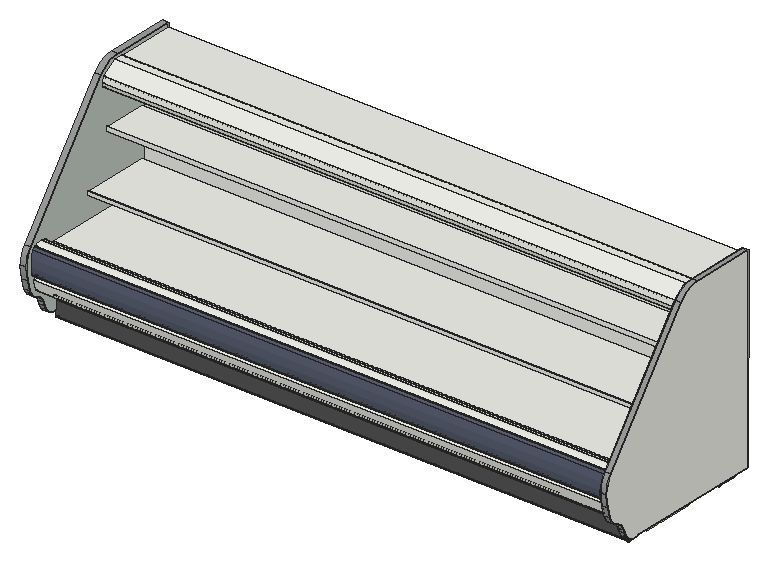
Revit family "IC2SL_2014", category Specialty Equipment, Revit 2014
Parameters (values of type "12'-0" Length")
  Width = 145"
  Waste Drain = 1 1/4"  # constant formula
  URL = "www.hussmann.com"
  Type Comments = ""
  Trim = Stainless Steel
  Total Weight = Case Weight + (2 * End Weight)  # 1350.00 lbf
  Top Clearance = 1 1/2"  # constant formula
  Splashguard = Textured Sheet Metal (Steel Painted) - 701 Black
  Side Panel - Right [instance] = yes
  Side Panel - Left [instance] = yes
  Shelves = Sheet Metal (Steel Painted) - 700 Interior White
  Shelf Lights [instance] = yes
  Shelf = yes
  Revit Family Date = "11/25/2015"  # constant formula
  Refrigeration Lines Suction = 7/8"  # constant formula
  Refrigeration Lines Liquid = 3/8"  # constant formula
  Refrig. Suction = "Suction"
  Refrig. Liquid = "Liquid"
  Number of Shelves = 2  # constant formula
  Note from Manufacturer = "This model only comes in 4'-0\", 6'-0\", 8'-0\", and 12'-0\" lengths."
  Model = "IC2SL"  # constant formula
  Manufacturer Disclaimer = "The information in this file is not intended to be an exact representation of the corresponding Hussmann product.  Further, we reserve the right to change or revise specifications and product design in connection with any feature of our products. Such changes do not entitle the buyer to corresponding changes, improvements, additions, or replacements for equipment previously sold or shipped."  # constant formula
  Manufacturer = "Hussmann Corporation"  # constant formula
  Height = 50 1/2"  # constant formula
  Ends = Textured Sheet Metal (Steel Painted) - 149 White Satin Matte
  End Weight = 75.00 lbf  # constant formula
  Drain Location = if(Width = 48 1/4", 24", if(Width = 72 1/4", 24", if(Width = 96 1/4", 24", if(Width = 145", 72", 0"))))  # 72"
  Description = ""
  Depth = 43 5/8"  # constant formula
  Clearance [instance] = no
  Case Weight = if(Width = 48 1/4", 600.00 lbf, if(Width = 72 1/4", 800.00 lbf, if(Width = 96 1/4", 1000.00 lbf, if(Width = 145", 1200.00 lbf, 0.00 lbf))))  # 1200.00 lbf
  Case Interior - Side Panel = Mirror
  Case Interior - Back Panel = Sheet Metal (Steel Painted) - 700 Interior White
  Case = Textured Sheet Metal (Steel Painted) - 149 White Satin Matte
  Bumper = Extruded PVC - 739 Royal Blue
  Back Clearance = 1 1/2"  # constant formula
  Assembly Code = ""
  Accessories/Options = ""
  8 Case = Width = 96 1/4"  # no
  6 Case = Width = 72 1/4"  # no
  12 Case = Width = 145"  # yes
Reference planes (in)
  plane 1 "Back": y = 0
  plane 2 "Bottom": z = 0
  plane 3 "Top": z = 50.5
  plane 4 "Left": x = -77.30699
  plane 5 "Front": y = -43.625
  plane 6 "Center (Left/Right)": x = -4.80699
  plane 7: y = 1.5
  plane 8: x = -78.80699
  plane 9 "Right": x = 67.69301
  plane 10: x = 69.19301
  plane 11: z = 24
  plane 12: z = 36
  plane 13: z = 52
Forms (in)
  Extrusion 1, solid, material "Metal - Copper"
    sketch origin (63.0625, 1.04319, 0) x (1, 0, 0) y (0, 1, 0)
      loop
        arc (-67.36949, -33.91819) -> (-67.81143, -34.10125) -> (-67.99449, -34.54319) r 0.625
        arc (-67.99449, -34.54319) -> (-67.81143, -34.98513) -> (-67.36949, -35.16819) r 0.625
        arc (-67.36949, -35.16819) -> (-66.92754, -34.98513) -> (-66.74449, -34.54319) r 0.625
        arc (-66.74449, -34.54319) -> (-66.92754, -34.10125) -> (-67.36949, -33.91819) r 0.625
      loop
        circle (-67.36949, -34.54319) r 0.5852
    from 5.56944 to 0
  Extrusion 2, solid, material "Metal - Copper"
    sketch origin (57.40105, 5, -0.375) x (1, 0, 0) y (0, 1, 0)
      loop
        circle (1.35446, -33.75) r 0.41359
      loop
        circle (1.35446, -33.75) r 0.4375
    from 5.94444 to 0.375
  Extrusion 3, solid, material "Metal - Copper"
    sketch origin (59.82608, 5, -0.375) x (1, 0, 0) y (0, 1, 0)
      loop
        circle (-0.44557, -33.75) r 0.17188
      loop
        circle (-0.44557, -33.75) r 0.1875
    from 5.94444 to 0.375
  Extrusion 4, solid, material "Textured Sheet Metal (Steel Painted) - 149 White Satin Matte" <- "Case"
    sketch origin (-4.80699, 0, 0) x (0, 1, 0) y (0, 0, 1)
      loop
        line (-6.52204, 47.85072) -> (-6.52204, 16.6168) -> (-6.91828, 16.6168)
        arc (-6.91828, 16.6168) -> (-7.25281, 16.48835) -> (-7.41541, 16.16902) r 0.49985
        arc (-7.41541, 16.16902) -> (-7.47447, 15.77871) -> (-7.56901, 15.39546) r 4.3077
        line (-7.56901, 15.39546) -> (-8.2045, 15.37959)
        arc (-8.2045, 15.37959) -> (-8.38123, 15.45279) -> (-8.45443, 15.62952) r 0.24992
        line (-8.45443, 15.62952) -> (-8.45443, 15.73049) -> (-8.45443, 15.79247) -> (-8.45443, 15.9914)
        arc (-8.45443, 15.9914) -> (-8.50274, 16.10804) -> (-8.61938, 16.15635) r 0.16495
        line (-8.61938, 16.15635) -> (-19.37919, 16.15635)
        arc (-19.37919, 16.15635) -> (-19.46976, 16.12926) -> (-19.53058, 16.05688) r 0.16495
        arc (-19.53058, 16.05688) -> (-19.5914, 15.98451) -> (-19.68198, 15.95742) r 0.16495
        line (-19.68198, 15.95742) -> (-23.20989, 15.95742)
        arc (-23.20989, 15.95742) -> (-24.122, 15.92845) -> (-25.03043, 15.84168) r 14.37659
        line (-25.03043, 15.84168) -> (-35.57188, 14.49602)
        arc (-35.57188, 14.49602) -> (-35.6769, 14.43903) -> (-35.71593, 14.32611) r 0.16502
        arc (-35.71593, 14.32611) -> (-35.77505, 14.15505) -> (-35.93413, 14.06872) r 0.24999
        line (-35.93413, 14.06872) -> (-36.91851, 13.9431) -> (-37.91016, 13.81651) -> (-38.11168, 13.77211) -> (-38.09315, 17.38135) -> (-38.25187, 18.31799)
        arc (-38.25187, 18.31799) -> (-38.25909, 18.33942) -> (-38.27258, 18.35757) r 0.07227
        line (-38.27258, 18.35757) -> (-39.20515, 19.27024)
        arc (-39.20515, 19.27024) -> (-39.22358, 19.28334) -> (-39.24516, 19.29009) r 0.07227
        line (-39.24516, 19.29009) -> (-40.16299, 19.42556)
        arc (-40.16299, 19.42556) -> (-40.2164, 19.41257) -> (-40.24545, 19.36592) r 0.07269
        arc (-40.24545, 19.36592) -> (-40.25531, 19.40542) -> (-40.29106, 19.4249) r 0.05063
        arc (-40.29106, 19.4249) -> (-41.31213, 19.3715) -> (-42.26156, 18.99202) r 3.1314
        arc (-42.26156, 18.99202) -> (-42.28101, 18.97043) -> (-42.28526, 18.94169) r 0.05026
        line (-42.28526, 18.94169) -> (-42.27579, 18.87729) -> (-42.05045, 18.49713) -> (-42.05045, 12.75127) -> (-42.33423, 12.33056) -> (-42.30002, 12.36476)
        spline (-42.30002, 12.36476) -> (-42.29059, 12.3725) -> (-42.27983, 12.37825) -> (-42.26816, 12.3818) -> (-42.25602, 12.38299) -> (-42.24388, 12.3818) -> (-42.23221, 12.37826) -> (-42.22145, 12.37251) -> (-42.21202, 12.36477) -> (-42.20428, 12.35534) -> (-42.19853, 12.34458) -> (-42.19499, 12.3329) -> (-42.1938, 12.32076)
        line (-42.1938, 12.32076) -> (-42.1938, 11.72088)
        spline (-42.1938, 11.72088) -> (-42.19412, 11.71452) -> (-42.1951, 11.70822) -> (-42.19671, 11.70206) -> (-42.19894, 11.69609) -> (-42.20177, 11.69038) -> (-42.20517, 11.685) -> (-42.2091, 11.67998) -> (-42.21352, 11.6754) -> (-42.21839, 11.67129) -> (-42.22365, 11.66771) -> (-42.22925, 11.66468) -> (-42.23513, 11.66224)
        line (-42.23513, 11.66224) -> (-42.23513, 12.03376)
        arc (-42.23513, 12.03376) -> (-42.26764, 12.08072) -> (-42.32304, 12.06685) r 0.05018
        line (-42.32304, 12.06685) -> (-42.79839, 11.52504)
        arc (-42.79839, 11.52504) -> (-42.80955, 11.50331) -> (-42.80913, 11.47889) r 0.05018
        line (-42.80913, 11.47889) -> (-42.14032, 8.99596)
        arc (-42.14032, 8.99596) -> (-42.11102, 8.93786) -> (-42.06108, 8.89616) r 0.16059
        line (-42.06108, 8.89616) -> (-36.23943, 5.77763)
        arc (-36.23943, 5.77763) -> (-36.19804, 5.77279) -> (-36.16499, 5.79817) r 0.0554
        line (-36.16499, 5.79817) -> (-36.07724, 5.96199) -> (-35.24876, 5.51819) -> (-35.22368, 5.56503) -> (-8.50716, 5.56503) -> (0, 10.08456) -> (0, 50.04903) -> (-14.67684, 50.04903)
        arc (-14.67684, 50.04903) -> (-14.77102, 50.15846) -> (-14.9095, 50.19929) r 0.25527
        line (-14.9095, 50.19929) -> (-17.13158, 50.19929)
        arc (-17.13158, 50.19929) -> (-17.16691, 50.19417) -> (-17.19934, 50.17923) r 0.12446
        line (-17.19934, 50.17923) -> (-20.65909, 47.93403)
        arc (-20.65909, 47.93403) -> (-20.69297, 47.90146) -> (-20.71236, 47.85866) r 0.12446
        line (-20.71236, 47.85866) -> (-21.02657, 46.54899)
        arc (-21.02657, 46.54899) -> (-21.03, 46.51919) -> (-21.0262, 46.48944) r 0.12446
        line (-21.0262, 46.48944) -> (-20.77157, 45.48251)
        arc (-20.77157, 45.48251) -> (-20.7464, 45.4332) -> (-20.70233, 45.39968) r 0.12446
        line (-20.70233, 45.39968) -> (-20.40173, 45.2633)
        arc (-20.40173, 45.2633) -> (-20.32979, 45.25389) -> (-20.26481, 45.28619) r 0.12446
        line (-20.26481, 45.28619) -> (-20.06119, 45.47866)
        arc (-20.06119, 45.47866) -> (-20.02808, 45.53141) -> (-20.02466, 45.5936) r 0.12446
        line (-20.02466, 45.5936) -> (-20.21753, 46.55487) -> (-19.96937, 47.00901) -> (-19.59524, 47.00901)
        arc (-19.59524, 47.00901) -> (-19.55545, 47.04716) -> (-19.59187, 47.08853) r 0.03983
        line (-19.59187, 47.08853) -> (-17.38841, 47.08853)
        arc (-17.38841, 47.08853) -> (-17.36936, 47.09232) -> (-17.35321, 47.10311) r 0.04979
        line (-17.35321, 47.10311) -> (-15.97583, 48.48049) -> (-15.97583, 47.85072) -> (-6.52204, 47.85072)
    from 72.5 to -72.5
  Extrusion 5, solid, material "Extruded PVC - 739 Royal Blue" <- "Bumper"
    sketch origin (-4.80699, 0, 0) x (0, 1, 0) y (0, 0, 1)
      loop
        arc (-43.11312, 12.68449) -> (-42.90005, 12.41085) -> (-42.60529, 12.22811) r 0.98415
        arc (-42.60529, 12.22811) -> (-42.57223, 12.21559) -> (-42.53878, 12.20413) r 1.11061
        arc (-42.53878, 12.20413) -> (-42.45215, 12.20488) -> (-42.38343, 12.25762) r 0.1365
        line (-42.38343, 12.25762) -> (-42.05045, 12.75127) -> (-42.05045, 18.49713) -> (-42.27579, 18.87729)
        arc (-42.27579, 18.87729) -> (-42.44345, 18.85247) -> (-42.60529, 18.80215) r 1.09805
        arc (-42.60529, 18.80215) -> (-42.90005, 18.61941) -> (-43.11312, 18.34576) r 0.98415
        arc (-43.11312, 18.34576) -> (-43.55654, 15.51513) -> (-43.11312, 12.68449) r 9.25648
    from 72.5 to -72.5
  Extrusion 6, solid, material "Textured Sheet Metal (Steel Painted) - 701 Black" <- "Splashguard"
    sketch origin (-4.80699, 0, 0) x (0, 1, 0) y (0, 0, 1)
      loop
        line (-35.56829, 3.68546) -> (-35.56829, 0.06236)
        arc (-35.56829, 0.06236) -> (-35.54342, 0.01927) -> (-35.49366, 0.01927) r 0.04975
        line (-35.49366, 0.01927) -> (-35.41903, 0.06236) -> (-35.22157, 0.06236)
        arc (-35.22157, 0.06236) -> (-35.14226, 0.01346) -> (-35.08169, 0.08426) r 0.07165
        line (-35.08169, 0.08426) -> (-35.08169, 3.96765)
        arc (-35.08169, 3.96765) -> (-35.10889, 4.012) -> (-35.16075, 4.00785) r 0.04975
        line (-35.16075, 4.00785) -> (-35.54785, 3.72567)
        arc (-35.54785, 3.72567) -> (-35.56289, 3.70802) -> (-35.56829, 3.68546) r 0.04975
    from 72.5 to -72.5
  Extrusion 7, solid, material "Sheet Metal (Steel Painted) - 700 Interior White" <- "Shelves"
    sketch origin (-4.80699, 0, 0) x (0, 1, 0) y (0, 0, 1)
      loop
        line (-10.4778, 17.57743) -> (-36.46981, 17.57743) -> (-36.46981, 17.08433) -> (-36.88069, 17.08433)
        arc (-36.88069, 17.08433) -> (-36.98062, 17.07117) -> (-37.07375, 17.0326) r 0.38613
        line (-37.07375, 17.0326) -> (-37.21958, 16.9484) -> (-37.21958, 16.55649) -> (-37.17361, 16.55649) -> (-36.88705, 16.72194) -> (-35.47012, 16.72194) -> (-35.47012, 16.95262) -> (-10.4778, 16.95262) -> (-10.4778, 17.09957) -> (-9.827, 17.09957) -> (-9.827, 16.73668) -> (-8.93227, 16.73668) -> (-8.93227, 16.59821)
        arc (-8.93227, 16.59821) -> (-8.9027, 16.52683) -> (-8.83132, 16.49726) r 0.10095
        line (-8.83132, 16.49726) -> (-7.8816, 16.49726) -> (-7.8816, 17.10907) -> (-8.83132, 17.10907)
        arc (-8.83132, 17.10907) -> (-8.85434, 17.10641) -> (-8.87614, 17.09857) r 0.10095
        line (-8.87614, 17.09857) -> (-9.4931, 17.09857)
        arc (-9.4931, 17.09857) -> (-9.37611, 17.14803) -> (-9.32765, 17.26502) r 0.16545
        arc (-9.32765, 17.26502) -> (-9.37611, 17.38201) -> (-9.4931, 17.43047) r 0.16545
        line (-9.4931, 17.43047) -> (-9.62218, 17.52973) -> (-10.4778, 17.52973) -> (-10.4778, 17.57743)
      loop
        arc (-8.38145, 16.1856) -> (-8.41805, 16.27396) -> (-8.50641, 16.31056) r 0.12496
        line (-8.50641, 16.31056) -> (-19.45705, 16.31056)
        arc (-19.45705, 16.31056) -> (-19.54785, 16.28332) -> (-19.60866, 16.21059) r 0.16495
        arc (-19.60866, 16.21059) -> (-19.66947, 16.13786) -> (-19.76027, 16.11062) r 0.16495
        line (-19.76027, 16.11062) -> (-23.20989, 16.11062)
        arc (-23.20989, 16.11062) -> (-24.13172, 16.08135) -> (-25.04983, 15.99365) r 14.5298
        line (-25.04983, 15.99365) -> (-36.39594, 14.54521)
        arc (-36.39594, 14.54521) -> (-36.47504, 14.53479) -> (-36.55386, 14.52247) r 3.33048
        arc (-36.55386, 14.52247) -> (-36.67572, 14.4772) -> (-36.72694, 14.35772) r 0.16495
        line (-36.72694, 14.35772) -> (-36.72694, 14.26117)
        arc (-36.72694, 14.26117) -> (-36.78929, 14.09602) -> (-36.94522, 14.01326) r 0.24992
        line (-36.94522, 14.01326) -> (-37.9194, 13.8889) -> (-37.91016, 13.81651) -> (-36.91851, 13.9431) -> (-35.93417, 14.06876)
        arc (-35.93417, 14.06876) -> (-35.77516, 14.15509) -> (-35.71578, 14.32612) r 0.24992
        arc (-35.71578, 14.32612) -> (-35.67679, 14.43899) -> (-35.57184, 14.49597) r 0.16495
        line (-35.57184, 14.49597) -> (-25.03043, 15.84168)
        arc (-25.03043, 15.84168) -> (-24.122, 15.92845) -> (-23.20989, 15.95742) r 14.37659
        line (-23.20989, 15.95742) -> (-19.68198, 15.95742)
        arc (-19.68198, 15.95742) -> (-19.5914, 15.98451) -> (-19.53058, 16.05688) r 0.16495
        arc (-19.53058, 16.05688) -> (-19.46976, 16.12926) -> (-19.37919, 16.15635) r 0.16495
        line (-19.37919, 16.15635) -> (-8.61938, 16.15635)
        arc (-8.61938, 16.15635) -> (-8.50274, 16.10804) -> (-8.45443, 15.9914) r 0.16495
        line (-8.45443, 15.9914) -> (-8.45443, 15.79247) -> (-8.45443, 15.73049) -> (-8.45443, 15.62952)
        arc (-8.45443, 15.62952) -> (-8.38123, 15.45279) -> (-8.2045, 15.37959) r 0.24992
        line (-8.2045, 15.37959) -> (-7.8816, 15.38765) -> (-7.8816, 15.45257) -> (-8.13153, 15.45257)
        arc (-8.13153, 15.45257) -> (-8.30825, 15.52577) -> (-8.38145, 15.70249) r 0.24992
        line (-8.38145, 15.70249) -> (-8.38145, 15.80455) -> (-8.38145, 15.94567) -> (-8.38145, 16.1856)
    from 72.5 to -72.5
  Extrusion 8, solid, material "Sheet Metal (Steel Painted) - 700 Interior White" <- "Case Interior - Back Panel"
    sketch origin (-4.80699, 0, 0) x (0, 1, 0) y (0, 0, 1)
      loop
        line (-7.8816, 16.73918) -> (-6.52204, 16.73918) -> (-6.52204, 47.85072) -> (-15.97583, 47.85072) -> (-15.97583, 48.48049) -> (-17.35321, 47.10311)
        arc (-17.35321, 47.10311) -> (-17.36936, 47.09232) -> (-17.38841, 47.08853) r 0.04979
        line (-17.38841, 47.08853) -> (-17.48375, 47.08853)
        arc (-17.48375, 47.08853) -> (-17.44323, 46.98572) -> (-17.33737, 46.95402) r 0.12645
        line (-17.33737, 46.95402) -> (-15.68484, 47.22274) -> (-16.02944, 46.85961) -> (-13.6584, 44.60957)
        arc (-13.6584, 44.60957) -> (-13.69087, 44.60872) -> (-13.69002, 44.57624) r 0.02297
        line (-13.69002, 44.57624) -> (-13.50355, 44.39929) -> (-12.71661, 45.22855) -> (-7.8816, 45.18636) -> (-7.8816, 16.73918)
      loop
        line (-18.97614, 47.04179) -> (-18.97614, 45.88174) -> (-17.79623, 45.88174) -> (-17.79623, 47.04179) -> (-18.97614, 47.04179)
    from 72.5 to -72.5
  Extrusion 9, solid, material "Textured Sheet Metal (Steel Painted) - 149 White Satin Matte" <- "Ends", visible <- "Side Panel - Right"
    sketch origin (67.69301, 0, 0) x (0, 0, 1) y (0, -1, 0)
      loop
        line (1.5039, 34.83443) -> (1.693, 34.83443) -> (1.693, 0.00753) -> (50.873, 0.00753) -> (50.873, 16.00239)
        arc (50.873, 16.00239) -> (50.19865, 18.89439) -> (48.31469, 21.18983) r 6.53839
        line (48.31469, 21.18983) -> (19.27064, 43.47395)
        arc (19.27064, 43.47395) -> (17.38374, 44.47925) -> (15.27294, 44.81919) r 6.5112
        arc (15.27294, 44.81919) -> (13.59562, 44.69526) -> (11.95094, 44.34342) r 12.28598
        line (11.95094, 44.34342) -> (9.34604, 43.59512)
        arc (9.34604, 43.59512) -> (8.1305, 42.9909) -> (7.26773, 41.94292) r 3.25046
        line (7.26773, 41.94292) -> (6.61069, 40.67305)
        arc (6.61069, 40.67305) -> (5.88514, 39.78895) -> (4.86542, 39.27168) r 2.77322
        line (4.86542, 39.27168) -> (3.91206, 39.01483)
        arc (3.91206, 39.01483) -> (2.17532, 37.85436) -> (1.5039, 35.87643) r 3.24911
        line (1.5039, 35.87643) -> (1.5039, 34.83443)
    from 1.5 to 0.03125
  Extrusion 10, solid, material "Textured Sheet Metal (Steel Painted) - 149 White Satin Matte" <- "Ends", visible <- "Side Panel - Left"
    sketch origin (-77.30699, 0, 0) x (0, 1, 0) y (0, 0, 1)
      loop
        line (-34.83443, 1.5039) -> (-34.83443, 1.693) -> (-0.00753, 1.693) -> (-0.00753, 50.873) -> (-16.00239, 50.873)
        arc (-16.00239, 50.873) -> (-18.89439, 50.19865) -> (-21.18983, 48.31469) r 6.53839
        line (-21.18983, 48.31469) -> (-43.47395, 19.27064)
        arc (-43.47395, 19.27064) -> (-44.47925, 17.38374) -> (-44.81919, 15.27294) r 6.5112
        arc (-44.81919, 15.27294) -> (-44.69526, 13.59562) -> (-44.34342, 11.95094) r 12.28598
        line (-44.34342, 11.95094) -> (-43.59512, 9.34604)
        arc (-43.59512, 9.34604) -> (-42.9909, 8.1305) -> (-41.94292, 7.26773) r 3.25046
        line (-41.94292, 7.26773) -> (-40.67305, 6.61069)
        arc (-40.67305, 6.61069) -> (-39.78895, 5.88514) -> (-39.27168, 4.86542) r 2.77322
        line (-39.27168, 4.86542) -> (-39.01483, 3.91206)
        arc (-39.01483, 3.91206) -> (-37.85436, 2.17532) -> (-35.87643, 1.5039) r 3.24911
        line (-35.87643, 1.5039) -> (-34.83443, 1.5039)
    from -0.03125 to -1.5
  Extrusion 11, solid, material "Mirror" <- "Case Interior - Side Panel", visible <- "Side Panel - Right"
    sketch origin (67.69301, 0, 0) x (0, 0, 1) y (0, -1, 0)
      loop
        line (1.5039, 34.83443) -> (1.693, 34.83443) -> (1.693, 0.00753) -> (50.873, 0.00753) -> (50.873, 16.00239)
        arc (50.873, 16.00239) -> (50.19865, 18.89439) -> (48.31469, 21.18983) r 6.53839
        line (48.31469, 21.18983) -> (19.27064, 43.47395)
        arc (19.27064, 43.47395) -> (17.38374, 44.47925) -> (15.27294, 44.81919) r 6.5112
        arc (15.27294, 44.81919) -> (13.59562, 44.69526) -> (11.95094, 44.34342) r 12.28598
        line (11.95094, 44.34342) -> (9.34604, 43.59512)
        arc (9.34604, 43.59512) -> (8.1305, 42.9909) -> (7.26773, 41.94292) r 3.25046
        line (7.26773, 41.94292) -> (6.61069, 40.67305)
        arc (6.61069, 40.67305) -> (5.88514, 39.78895) -> (4.86542, 39.27168) r 2.77322
        line (4.86542, 39.27168) -> (3.91206, 39.01483)
        arc (3.91206, 39.01483) -> (2.17532, 37.85436) -> (1.5039, 35.87643) r 3.24911
        line (1.5039, 35.87643) -> (1.5039, 34.83443)
    from 0.03125 to 0
  Extrusion 12, solid, material "Mirror" <- "Case Interior - Side Panel", visible <- "Side Panel - Left"
    sketch origin (-77.30699, 0, 0) x (0, 1, 0) y (0, 0, 1)
      loop
        line (-34.83443, 1.5039) -> (-34.83443, 1.693) -> (-0.00753, 1.693) -> (-0.00753, 50.873) -> (-16.00239, 50.873)
        arc (-16.00239, 50.873) -> (-18.89439, 50.19865) -> (-21.18983, 48.31469) r 6.53839
        line (-21.18983, 48.31469) -> (-43.47395, 19.27064)
        arc (-43.47395, 19.27064) -> (-44.47925, 17.38374) -> (-44.81919, 15.27294) r 6.5112
        arc (-44.81919, 15.27294) -> (-44.69526, 13.59562) -> (-44.34342, 11.95094) r 12.28598
        line (-44.34342, 11.95094) -> (-43.59512, 9.34604)
        arc (-43.59512, 9.34604) -> (-42.9909, 8.1305) -> (-41.94292, 7.26773) r 3.25046
        line (-41.94292, 7.26773) -> (-40.67305, 6.61069)
        arc (-40.67305, 6.61069) -> (-39.78895, 5.88514) -> (-39.27168, 4.86542) r 2.77322
        line (-39.27168, 4.86542) -> (-39.01483, 3.91206)
        arc (-39.01483, 3.91206) -> (-37.85436, 2.17532) -> (-35.87643, 1.5039) r 3.24911
        line (-35.87643, 1.5039) -> (-34.83443, 1.5039)
    from -0.03125 to 0
  Sweep 13, solid, material "Stainless Steel" <- "Trim", visible <- "Side Panel - Right"
    path origin (67.69301, 0, 0) x (0, 0, 1) y (0, -1, 0)
      loop
        line (1.693, 34.83443) -> (1.693, 0.00753) -> (50.873, 0.00753) -> (50.873, 16.00239)
        arc (50.873, 16.00239) -> (50.19865, 18.89439) -> (48.31469, 21.18983) r 6.53839
        line (48.31469, 21.18983) -> (19.27064, 43.47395)
        arc (19.27064, 43.47395) -> (17.38374, 44.47925) -> (15.27294, 44.81919) r 6.5112
        arc (15.27294, 44.81919) -> (13.59562, 44.69526) -> (11.95094, 44.34342) r 12.28598
        line (11.95094, 44.34342) -> (9.34604, 43.59512)
        arc (9.34604, 43.59512) -> (8.1305, 42.9909) -> (7.26773, 41.94292) r 3.25046
        line (7.26773, 41.94292) -> (6.61069, 40.67305)
        arc (6.61069, 40.67305) -> (5.88514, 39.78895) -> (4.86542, 39.27168) r 2.77322
        line (4.86542, 39.27168) -> (3.91206, 39.01483)
        arc (3.91206, 39.01483) -> (2.17532, 37.85436) -> (1.5039, 35.87643) r 3.24911
        line (1.5039, 35.87643) -> (1.5039, 34.83443) -> (1.693, 34.83443)
    profile origin (67.69301, -17.42098, 1.693) x (0, 0, 1) y (1, 0, 0)
      loop
        line (0, 0) -> (0, 1.5) -> (-0.03125, 1.5) -> (-0.03125, 0) -> (0, 0)
  Sweep 14, solid, material "Stainless Steel" <- "Trim", visible <- "Side Panel - Left"
    path origin (-77.30699, 0, 0) x (0, 1, 0) y (0, 0, 1)
      loop
        line (-34.83443, 1.693) -> (-0.00753, 1.693) -> (-0.00753, 50.873) -> (-16.00239, 50.873)
        arc (-16.00239, 50.873) -> (-18.89439, 50.19865) -> (-21.18983, 48.31469) r 6.53839
        line (-21.18983, 48.31469) -> (-43.47395, 19.27064)
        arc (-43.47395, 19.27064) -> (-44.47925, 17.38374) -> (-44.81919, 15.27294) r 6.5112
        arc (-44.81919, 15.27294) -> (-44.69526, 13.59562) -> (-44.34342, 11.95094) r 12.28598
        line (-44.34342, 11.95094) -> (-43.59512, 9.34604)
        arc (-43.59512, 9.34604) -> (-42.9909, 8.1305) -> (-41.94292, 7.26773) r 3.25046
        line (-41.94292, 7.26773) -> (-40.67305, 6.61069)
        arc (-40.67305, 6.61069) -> (-39.78895, 5.88514) -> (-39.27168, 4.86542) r 2.77322
        line (-39.27168, 4.86542) -> (-39.01483, 3.91206)
        arc (-39.01483, 3.91206) -> (-37.85436, 2.17532) -> (-35.87643, 1.5039) r 3.24911
        line (-35.87643, 1.5039) -> (-34.83443, 1.5039) -> (-34.83443, 1.693)
    profile origin (-77.30699, -17.42098, 1.693) x (0, 0, 1) y (1, 0, 0)
      loop
        line (0, 0) -> (-0.03125, 0) -> (-0.03125, -1.5) -> (0, -1.5) -> (0, 0)
  Extrusion 15, solid, material "Textured Sheet Metal (Steel Painted) - 149 White Satin Matte" <- "Case"
    sketch origin (-4.80699, 0, 0) x (0, 1, 0) y (0, 0, 1)
      loop
        line (-35.08169, 2.14108) -> (-35.04686, 2.14108) -> (-35.04686, 4.52666)
        arc (-35.04686, 4.52666) -> (-35.05352, 4.55153) -> (-35.07173, 4.56974) r 0.04975
        line (-35.07173, 4.56974) -> (-36.06979, 5.14597) -> (-36.06979, 5.80949) -> (-36.10461, 5.80949) -> (-36.10461, 5.15459)
        arc (-36.10461, 5.15459) -> (-36.09795, 5.12971) -> (-36.07974, 5.1115) r 0.04975
        line (-36.07974, 5.1115) -> (-35.08169, 4.53527) -> (-35.08169, 2.14108)
    from 72.5 to -72.5
Lines and regions (in)
  reference lines
    curve 1: line (-4.30699, -43.625, 0) -> (-4.30699, 0, 0)
    curve 2: line (65.19301, -43.625, 0) -> (65.19301, 0, 0)
    curve 3: line (59.19301, -43.625, 0) -> (59.19301, 0, 0)
    curve 4: line (-77.30699, -33.5, 0) -> (67.69301, -33.5, 0)
    curve 5: line (67.69301, -28.75, 0) -> (-77.30699, -28.75, 0)
  symbolic lines, style "Clearance", visible <- "Clearance"
    curve 6: line (-77.30699, 1.5, 0) -> (67.69301, 1.5, 0)
    curve 7: line (67.69301, 1.5, 0) -> (67.69301, 0.02372, 0)
    curve 8: line (-77.30699, 1.5, 0) -> (-77.30699, 0, 0)
    curve 9: line (-4.80699, 0, 50.90425) -> (-4.80699, 0, 52)
    curve 10: line (-4.80699, 0, 52) -> (-4.80699, -21.03, 52)
    curve 11: line (-4.80699, -21.03, 48.56348) -> (-4.80699, -21.03, 52)
    curve 12: line (-4.80699, 0, 50.04903) -> (-4.80699, 1.5, 50.04903)
    curve 13: line (-4.80699, 1.5, 50.04903) -> (-4.80699, 1.5, 0)
    curve 14: line (-77.30699, -40, 50.19929) -> (-77.30699, -40, 52)
    curve 15: line (-77.30699, -40, 52) -> (67.69301, -40, 52)
    curve 16: line (67.69301, -40, 52) -> (67.69301, -40, 50.19929)
  model lines, style "SpecialityEquipment", detail levels fine
    curve 17: line (-4.80699, -42.05045, 9.25925) -> (-4.80699, -42.05045, 18.49713)
    curve 18: line (-4.80699, -35.22368, 5.56503) -> (-4.80699, -42.01761, 9.20439)
    curve 19: arc (-4.80699, -42.01761, 9.20439) -> (-4.80699, -42.04161, 9.22728) -> (-4.80699, -42.05045, 9.25925) r 0.06223
    curve 20: line (-4.80699, -42.05045, 18.49713) -> (-4.80699, -41.00111, 18.49713)
    curve 21: line (-4.80699, -41.00111, 18.49713) -> (-4.80699, -41.00111, 12.7182)
    curve 22: arc (-4.80699, -41.00111, 12.7182) -> (-4.80699, -40.98899, 12.60945) -> (-4.80699, -40.95322, 12.50604) r 0.49387
    curve 23: line (-4.80699, -40.95322, 12.50604) -> (-4.80699, -40.17548, 11.71682)
    curve 24: arc (-4.80699, -40.17548, 11.71682) -> (-4.80699, -40.06713, 11.55465) -> (-4.80699, -40.02908, 11.36337) r 0.49985
    curve 25: line (-4.80699, -40.02908, 11.36337) -> (-4.80699, -40.02908, 10.88856)
    curve 26: arc (-4.80699, -40.02908, 10.88856) -> (-4.80699, -39.88268, 10.53511) -> (-4.80699, -39.52923, 10.38871) r 0.49985
    curve 27: line (-4.80699, -39.52923, 10.38871) -> (-4.80699, -38.69968, 10.38871)
    curve 28: arc (-4.80699, -38.69968, 10.38871) -> (-4.80699, -38.35246, 10.24843) -> (-4.80699, -38.20014, 9.90631) r 0.49985
    curve 29: line (-4.80699, -38.20014, 9.90631) -> (-4.80699, -38.19034, 9.62576)
    curve 30: arc (-4.80699, -38.19034, 9.62576) -> (-4.80699, -38.1151, 9.37898) -> (-4.80699, -37.92683, 9.2026) r 0.49985
    curve 31: line (-4.80699, -37.92683, 9.2026) -> (-4.80699, -37.22246, 8.82528)
    curve 32: arc (-4.80699, -37.22246, 8.82528) -> (-4.80699, -37.10811, 8.78108) -> (-4.80699, -36.98643, 8.76605) r 0.49985
    curve 33: line (-4.80699, -36.98643, 8.76605) -> (-4.80699, -34.78966, 8.76605)
    curve 34: arc (-4.80699, -34.78966, 8.76605) -> (-4.80699, -34.53974, 8.83301) -> (-4.80699, -34.35678, 9.01597) r 0.49985
    curve 35: line (-4.80699, -34.35678, 9.01597) -> (-4.80699, -33.70852, 10.13879)
    curve 36: arc (-4.80699, -33.70852, 10.13879) -> (-4.80699, -33.52557, 10.32175) -> (-4.80699, -33.27564, 10.38871) r 0.49985
    curve 37: line (-4.80699, -33.27564, 10.38871) -> (-4.80699, -24.44274, 10.38871)
    curve 38: line (-4.80699, -24.44274, 10.38871) -> (-4.80699, -11.07263, 12.35589)
    curve 39: arc (-4.80699, -11.07263, 12.35589) -> (-4.80699, -8.87679, 13.36385) -> (-4.80699, -7.56901, 15.39546) r 4.3077
  model lines, style "SpecialityEquipment", not visible, detail levels fine
    curve 40: line (-4.80699, -42.05045, 9.25925) -> (-4.80699, -42.05045, 18.49713)
    curve 41: line (-4.80699, -35.22368, 5.56503) -> (-4.80699, -42.01761, 9.20439)
    curve 42: arc (-4.80699, -42.01761, 9.20439) -> (-4.80699, -42.04161, 9.22728) -> (-4.80699, -42.05045, 9.25925) r 0.06223
    curve 43: line (-4.80699, -42.05045, 18.49713) -> (-4.80699, -41.00111, 18.49713)
    curve 44: line (-4.80699, -41.00111, 18.49713) -> (-4.80699, -41.00111, 12.7182)
    curve 45: arc (-4.80699, -41.00111, 12.7182) -> (-4.80699, -40.98899, 12.60945) -> (-4.80699, -40.95322, 12.50604) r 0.49387
    curve 46: line (-4.80699, -40.95322, 12.50604) -> (-4.80699, -40.17548, 11.71682)
    curve 47: arc (-4.80699, -40.17548, 11.71682) -> (-4.80699, -40.06713, 11.55465) -> (-4.80699, -40.02908, 11.36337) r 0.49985
    curve 48: line (-4.80699, -40.02908, 11.36337) -> (-4.80699, -40.02908, 10.88856)
    curve 49: arc (-4.80699, -40.02908, 10.88856) -> (-4.80699, -39.88268, 10.53511) -> (-4.80699, -39.52923, 10.38871) r 0.49985
    curve 50: line (-4.80699, -39.52923, 10.38871) -> (-4.80699, -38.69968, 10.38871)
    curve 51: arc (-4.80699, -38.69968, 10.38871) -> (-4.80699, -38.35246, 10.24843) -> (-4.80699, -38.20014, 9.90631) r 0.49985
    curve 52: line (-4.80699, -38.20014, 9.90631) -> (-4.80699, -38.19034, 9.62576)
    curve 53: arc (-4.80699, -38.19034, 9.62576) -> (-4.80699, -38.1151, 9.37898) -> (-4.80699, -37.92683, 9.2026) r 0.49985
    curve 54: line (-4.80699, -37.92683, 9.2026) -> (-4.80699, -37.22246, 8.82528)
    curve 55: arc (-4.80699, -37.22246, 8.82528) -> (-4.80699, -37.10811, 8.78108) -> (-4.80699, -36.98643, 8.76605) r 0.49985
    curve 56: line (-4.80699, -36.98643, 8.76605) -> (-4.80699, -34.78966, 8.76605)
    curve 57: arc (-4.80699, -34.78966, 8.76605) -> (-4.80699, -34.53974, 8.83301) -> (-4.80699, -34.35678, 9.01597) r 0.49985
    curve 58: line (-4.80699, -34.35678, 9.01597) -> (-4.80699, -33.70852, 10.13879)
    curve 59: arc (-4.80699, -33.70852, 10.13879) -> (-4.80699, -33.52557, 10.32175) -> (-4.80699, -33.27564, 10.38871) r 0.49985
    curve 60: line (-4.80699, -33.27564, 10.38871) -> (-4.80699, -24.44274, 10.38871)
    curve 61: line (-4.80699, -24.44274, 10.38871) -> (-4.80699, -11.07263, 12.35589)
    curve 62: arc (-4.80699, -11.07263, 12.35589) -> (-4.80699, -8.87679, 13.36385) -> (-4.80699, -7.56901, 15.39546) r 4.3077
Dimensions and locks (in)
  equal spacing: plane 4 "Left", plane 6 "Center (Left/Right)", plane 9 "Right"
  locked: plane 8 to plane 4 "Left" at 1.5
  "Width": plane 4 "Left" to plane 9 "Right"
  locked: curve 2 to plane 9 "Right" at 2.5
  "Drain Location": curve 1 to plane 9 "Right"
  "Depth": plane 5 "Front" to plane 1 "Back"
  "Back Clearance": plane 1 "Back" to plane 7
  locked: curve 3 to plane 9 "Right" at 8.5
  "Height": plane 3 "Top" to level
  locked: plane 1 "Back" to curve 4 at 33.5
  locked: plane 1 "Back" to curve 5 at 28.75
  locked: plane 9 "Right" to plane 10 at 1.5
  locked: plane 11 to level at 24
  locked: plane 12 to level at 36
  "Top Clearance": plane 13 to plane 3 "Top"
  locked: Extrusion 1 sketch curve to Extrusion 1 sketch curve at 0.0398
  locked: Extrusion 3 sketch curve to Extrusion 3 sketch curve at 0.01562
  locked: Extrusion 2 sketch curve to Extrusion 2 sketch curve at 0.02391
  nested 7 to plane 6 "Center (Left/Right)" to nested 8 = 24" locked, 24" locked
  "Waste Drain": diameter of Extrusion 1 sketch curve
  "Refrigeration Lines Liquid": diameter of Extrusion 3 sketch curve
  "Refrigeration Lines Suction": diameter of Extrusion 2 sketch curve
  aligned and locked: plane 5 "Front" to curve 1
  aligned and locked: plane 5 "Front" to curve 2
  aligned and locked: plane 4 "Left" to curve 4
  aligned and locked: plane 4 "Left" to curve 5
  aligned and locked: plane 9 "Right" to curve 5
  aligned and locked: plane 9 "Right" to curve 4
  aligned and locked: Extrusion 2 to level
  aligned and locked: Extrusion 3 to level
  aligned and locked: curve 5 to Extrusion 3 sketch curve  (x4)
  aligned and locked: curve 5 to Extrusion 2 sketch curve  (x4)
  aligned and locked: curve 4 to Extrusion 1 sketch curve  (x3)
  aligned and locked: curve 1 to Extrusion 1 sketch curve
  aligned and locked: curve 3 to Extrusion 3 sketch curve
  aligned and locked: curve 3 to Extrusion 2 sketch curve
  aligned and locked: Extrusion 4 to plane 4 "Left"
  aligned and locked: plane 9 "Right" to Extrusion 4
  aligned and locked: Extrusion 8 to plane 4 "Left"
  aligned and locked: plane 9 "Right" to Extrusion 8
  aligned and locked: Extrusion 7 to plane 4 "Left"
  aligned and locked: plane 9 "Right" to Extrusion 7
  aligned and locked: Extrusion 5 to plane 4 "Left"
  aligned and locked: plane 9 "Right" to Extrusion 5
  aligned and locked: plane 11 to nested 1
  aligned and locked: Extrusion 8 to nested 1
  aligned and locked: plane 12 to nested 2
  aligned and locked: Extrusion 8 to nested 2
  aligned and locked: plane 8 to Extrusion 10
  aligned and locked: Extrusion 12 to Extrusion 10
  aligned and locked: plane 4 "Left" to Extrusion 12
  aligned and locked: plane 10 to Extrusion 9
  aligned and locked: Extrusion 11 to Extrusion 9
  aligned and locked: Extrusion 11 to plane 9 "Right"
  aligned and locked: plane 10 to Sweep 13 sketch curve
  aligned and locked: Sweep 13 sketch curve to profile plane
  aligned and locked: Sweep 14 sketch curve to Extrusion 12
  aligned and locked: Sweep 14 sketch curve to plane 8
  aligned and locked: plane 4 "Left" to nested 2
  aligned and locked: plane 4 "Left" to nested 1
  aligned and locked: plane 9 "Right" to Extrusion 6
  aligned and locked: Extrusion 6 to plane 4 "Left"
  aligned and locked: plane 4 "Left" to nested 3
  aligned and locked: nested 1 to nested 3
  aligned and locked: plane 1 "Back" to nested 4
  aligned and locked: plane 4 "Left" to nested 4
  aligned and locked: nested 6 to plane 1 "Back"
  aligned and locked: plane 9 "Right" to nested 6
  aligned and locked: plane 1 "Back" to nested 5
  aligned and locked: plane 6 "Center (Left/Right)" to nested 5
  aligned and locked: nested 8 to plane 1 "Back"
  aligned and locked: plane 1 "Back" to nested 7
  aligned and locked: curve 6 to plane 7
  aligned and locked: curve 8 to plane 4 "Left"
  aligned and locked: curve 7 to plane 9 "Right"
  aligned and locked: curve 13 to plane 7
  aligned and locked: plane 13 to curve 15
  aligned and locked: curve 16 to plane 9 "Right"
  aligned and locked: plane 4 "Left" to curve 14
  aligned and locked: plane 6 "Center (Left/Right)" to nested 9
  aligned and locked: plane 1 "Back" to nested 9
  aligned and locked: nested 2 to nested 10
  aligned and locked: Sweep 14 to nested 10
  aligned and locked: Extrusion 8 to nested 11
  aligned and locked: plane 4 "Left" to nested 11
  aligned and locked: Extrusion 15 to plane 4 "Left"
  aligned and locked: plane 9 "Right" to Extrusion 15
Automatic sketch dimensions
  plane 5 "Front" to Extrusion 6 sketch curve = 8.05671"
  Extrusion 6 sketch curve to Extrusion 6 sketch curve = 0.04975"  (x2)
  level to Extrusion 6 sketch curve = 3.68546"
  Extrusion 6 sketch curve to Extrusion 6 sketch curve = 0.02045"
  level to Extrusion 6 sketch curve = 0.06236"  (x2)
  Extrusion 6 sketch curve to Extrusion 6 sketch curve = 0.02931"
  Extrusion 6 sketch curve to Extrusion 6 sketch curve = 0.04021"
  level to Extrusion 6 sketch curve = 0.01927"
  Extrusion 6 sketch curve to Extrusion 6 sketch curve = 0.07463"
  Extrusion 6 sketch curve to Extrusion 6 sketch curve = 0.19746"
  Extrusion 6 sketch curve to Extrusion 6 sketch curve = 0.06823"
  Extrusion 6 sketch curve to Extrusion 6 sketch curve = 0.0219"
  Extrusion 7 sketch curve to Extrusion 7 sketch curve = 0"  (x5)
  plane 5 "Front" to Extrusion 7 sketch curve = 5.7056"
  Extrusion 7 sketch curve to Extrusion 7 sketch curve = 0.00924"
  Extrusion 7 sketch curve to Extrusion 7 sketch curve = 0.69982"
  Extrusion 7 sketch curve to Extrusion 7 sketch curve = 0.04597"
  Extrusion 7 sketch curve to Extrusion 7 sketch curve = 0.14583"
  Extrusion 7 sketch curve to Extrusion 7 sketch curve = 0.94253"
  Extrusion 7 sketch curve to Extrusion 7 sketch curve = 0.03165"  (x2)
  Extrusion 7 sketch curve to Extrusion 7 sketch curve = 0.02671"
  Extrusion 7 sketch curve to Extrusion 7 sketch curve = 0.28657"
  Extrusion 7 sketch curve to Extrusion 7 sketch curve = 0.00636"
  Extrusion 7 sketch curve to Extrusion 7 sketch curve = 0.24992"  (x2)
  Extrusion 7 sketch curve to Extrusion 7 sketch curve = 0.16495"  (x3)
  Extrusion 7 sketch curve to Extrusion 7 sketch curve = 0.41087"
  Extrusion 7 sketch curve to Extrusion 7 sketch curve = 0.16605"
  Extrusion 7 sketch curve to Extrusion 7 sketch curve = 0.91812"
  Extrusion 7 sketch curve to Extrusion 7 sketch curve = 0.43012"
  Extrusion 7 sketch curve to Extrusion 7 sketch curve = 0.39398"
  Extrusion 7 sketch curve to Extrusion 7 sketch curve = 0.02089"
  Extrusion 7 sketch curve to Extrusion 7 sketch curve = 0.99969"
  Extrusion 7 sketch curve to plane 11 = 8.00635"
  Extrusion 7 sketch curve to Extrusion 7 sketch curve = 10.42029"
  Extrusion 7 sketch curve to plane 11 = 8.15832"
  Extrusion 7 sketch curve to Extrusion 7 sketch curve = 0.0194"
  Extrusion 7 sketch curve to Extrusion 7 sketch curve = 1.82053"
  Extrusion 7 sketch curve to Extrusion 7 sketch curve = 3.44963"
  Extrusion 7 sketch curve to Extrusion 7 sketch curve = 0.07829"
  Extrusion 7 sketch curve to Extrusion 7 sketch curve = 0.22493"
  Extrusion 7 sketch curve to Extrusion 7 sketch curve = 0.07786"
  Extrusion 7 sketch curve to Extrusion 7 sketch curve = 8.90139"
  Extrusion 7 sketch curve to Extrusion 7 sketch curve = 0.6508"
  Extrusion 7 sketch curve to Extrusion 7 sketch curve = 0.20482"
  Extrusion 7 sketch curve to Extrusion 7 sketch curve = 0.12908"
  Extrusion 7 sketch curve to Extrusion 7 sketch curve = 0.56083"
  Extrusion 7 sketch curve to Extrusion 7 sketch curve = 0.05613"
  Extrusion 7 sketch curve to Extrusion 7 sketch curve = 0.04482"
  Extrusion 7 sketch curve to Extrusion 7 sketch curve = 0.10095"
  Extrusion 7 sketch curve to Extrusion 7 sketch curve = 0.21194"
  Extrusion 7 sketch curve to Extrusion 7 sketch curve = 0.11297"
  Extrusion 7 sketch curve to Extrusion 7 sketch curve = 0.07298"  (x2)
  Extrusion 7 sketch curve to Extrusion 7 sketch curve = 0.17695"
  Extrusion 7 sketch curve to Extrusion 7 sketch curve = 0.49985"
  Extrusion 7 sketch curve to plane 11 = 8.19545"
  Extrusion 7 sketch curve to Extrusion 7 sketch curve = 0.01208"
  Extrusion 7 sketch curve to Extrusion 7 sketch curve = 0.06198"
  Extrusion 7 sketch curve to Extrusion 7 sketch curve = 0.02799"
  Extrusion 7 sketch curve to Extrusion 7 sketch curve = 0.10097"
  Extrusion 7 sketch curve to Extrusion 7 sketch curve = 0.06492"
  Extrusion 7 sketch curve to plane 11 = 9.45479"
  Extrusion 7 sketch curve to Extrusion 7 sketch curve = 0.04924"
  Extrusion 7 sketch curve to Extrusion 7 sketch curve = 3/16"
  Extrusion 7 sketch curve to Extrusion 7 sketch curve = 0.16362"
  Extrusion 7 sketch curve to Extrusion 7 sketch curve = 0.01567"
  Extrusion 7 sketch curve to Extrusion 7 sketch curve = 0.09655"
  Extrusion 7 sketch curve to Extrusion 7 sketch curve = 0.24791"
  Extrusion 7 sketch curve to Extrusion 7 sketch curve = 0.07016"
  Extrusion 7 sketch curve to Extrusion 7 sketch curve = 2.83046"
  level to Extrusion 7 sketch curve = 1.58082"
  Extrusion 7 sketch curve to Extrusion 7 sketch curve = 0.14112"
  Extrusion 7 sketch curve to Extrusion 7 sketch curve = 0.03399"
  Extrusion 7 sketch curve to Extrusion 7 sketch curve = 0.04574"
  Extrusion 7 sketch curve to Extrusion 7 sketch curve = 0.01175"
  Extrusion 7 sketch curve to Extrusion 7 sketch curve = 0.01075"
  Extrusion 7 sketch curve to Extrusion 7 sketch curve = 0.02924"
  Extrusion 7 sketch curve to Extrusion 7 sketch curve = 0.1867"
  Extrusion 7 sketch curve to Extrusion 7 sketch curve = 2.03402"
  Extrusion 7 sketch curve to Extrusion 7 sketch curve = 0.14171"
  Extrusion 7 sketch curve to Extrusion 7 sketch curve = 0.02374"
  Extrusion 7 sketch curve to Extrusion 7 sketch curve = 0.13847"
  Extrusion 7 sketch curve to Extrusion 7 sketch curve = 0.39191"
  Extrusion 7 sketch curve to Extrusion 7 sketch curve = 0.23068"
  Extrusion 7 sketch curve to Extrusion 7 sketch curve = 0.27143"
  Extrusion 7 sketch curve to Extrusion 7 sketch curve = 0.0842"
  Extrusion 7 sketch curve to Extrusion 7 sketch curve = 0.09046"
  Extrusion 7 sketch curve to Extrusion 7 sketch curve = 0.001"
  Extrusion 7 sketch curve to Extrusion 7 sketch curve = 0.16645"
  Extrusion 7 sketch curve to Extrusion 7 sketch curve = 0.16545"
  Extrusion 7 sketch curve to Extrusion 7 sketch curve = 0.09925"
  Extrusion 7 sketch curve to Extrusion 7 sketch curve = 0.4931"
  Extrusion 7 sketch curve to Extrusion 7 sketch curve = 0.16513"
  Extrusion 7 sketch curve to Extrusion 7 sketch curve = 0.0003"
  plane 3 "Top" to Extrusion 8 sketch curve = 4.61826"
  plane 1 "Back" to Extrusion 8 sketch curve = 18.97614"
  Extrusion 8 sketch curve to Extrusion 8 sketch curve = 1.17991"
  Extrusion 8 sketch curve to Extrusion 8 sketch curve = 5/16"
  Extrusion 8 sketch curve to Extrusion 8 sketch curve = 0.09534"
  Extrusion 8 sketch curve to Extrusion 8 sketch curve = 0.03075"
  plane 3 "Top" to Extrusion 8 sketch curve = 3.39689"
  Extrusion 8 sketch curve to Extrusion 8 sketch curve = 0.00446"
  plane 3 "Top" to Extrusion 8 sketch curve = 3.54598"
  Extrusion 8 sketch curve to Extrusion 8 sketch curve = 0.0203"
  plane 3 "Top" to Extrusion 8 sketch curve = 2.01951"
  Extrusion 8 sketch curve to Extrusion 8 sketch curve = 1.37738"
  Extrusion 8 sketch curve to Extrusion 8 sketch curve = 2.28581"
  Extrusion 8 sketch curve to Extrusion 8 sketch curve = 0.01581"  (x2)
  Extrusion 8 sketch curve to Extrusion 8 sketch curve = 1.35957"
  Extrusion 8 sketch curve to plane 11 = 7.26082"
  Extrusion 8 sketch curve to Extrusion 8 sketch curve = 0.01666"
  plane 3 "Top" to Extrusion 8 sketch curve = 5.31364"
  Extrusion 8 sketch curve to Extrusion 8 sketch curve = 0.06132"
  Extrusion 8 sketch curve to Extrusion 8 sketch curve = 0.02427"
  plane 3 "Top" to Extrusion 8 sketch curve = 2.64928"
  Extrusion 8 sketch curve to Extrusion 8 sketch curve = 0.05361"
  Extrusion 8 sketch curve to Extrusion 8 sketch curve = 2.37105"
  Extrusion 8 sketch curve to Extrusion 8 sketch curve = 0.3446"
  plane 3 "Top" to Extrusion 8 sketch curve = 5.27145"
  Extrusion 8 sketch curve to Extrusion 8 sketch curve = 0.99111"
  Extrusion 8 sketch curve to Extrusion 8 sketch curve = 0.36313"
  plane 3 "Top" to Extrusion 8 sketch curve = 6.10071"
  Extrusion 8 sketch curve to Extrusion 8 sketch curve = 0.18647"
  plane 1 "Back" to Extrusion 8 sketch curve = 7.8816"
  Extrusion 8 sketch curve to Extrusion 8 sketch curve = 0.03333"
  level to Extrusion 9 sketch curve = 1.693"
  Extrusion 9 sketch curve to plane 11 = 8.69289"
  plane 5 "Front" to Extrusion 9 sketch curve = 0.15105"
  Extrusion 9 sketch curve to plane 11 = 4.72936"
  plane 3 "Top" to Extrusion 9 sketch curve = 6.16539"
  plane 3 "Top" to Extrusion 9 sketch curve = 2.18531"
  plane 1 "Back" to Extrusion 9 sketch curve = 0.00753"
  Extrusion 9 sketch curve to plane 3 "Top" = 0.373"
  Extrusion 9 sketch curve to Extrusion 9 sketch curve = 15.99487"
  plane 5 "Front" to Extrusion 9 sketch curve = 8.79057"
  plane 5 "Front" to Extrusion 9 sketch curve = 5.31692"
  Extrusion 9 sketch curve to Extrusion 9 sketch curve = 0.1891"
  Extrusion 9 sketch curve to plane 5 "Front" = 1.19419"
  Extrusion 9 sketch curve to Extrusion 9 sketch curve = 1.042"
  Extrusion 9 sketch curve to Extrusion 9 sketch curve = 3.06001"
  Extrusion 9 sketch curve to Extrusion 9 sketch curve = 0.84095"
  Extrusion 9 sketch curve to Extrusion 9 sketch curve = 0.95336"
  Extrusion 9 sketch curve to Extrusion 9 sketch curve = 0.25685"
  Extrusion 9 sketch curve to Extrusion 9 sketch curve = 0.71778"
  plane 5 "Front" to Extrusion 9 sketch curve = 1.67461"
  Extrusion 9 sketch curve to Extrusion 9 sketch curve = 1.74407"
  plane 5 "Front" to Extrusion 9 sketch curve = 1.68208"
  Extrusion 9 sketch curve to Extrusion 9 sketch curve = 0.65824"
  Extrusion 9 sketch curve to Extrusion 9 sketch curve = 2.88551"
  plane 5 "Front" to Extrusion 9 sketch curve = 3.17852"
  plane 5 "Front" to Extrusion 9 sketch curve = 2.95195"
  Extrusion 9 sketch curve to Extrusion 9 sketch curve = 0.00119"
  plane 5 "Front" to Extrusion 9 sketch curve = 0.02988"
  Extrusion 9 sketch curve to plane 5 "Front" = 0.71842"
  Extrusion 9 sketch curve to Extrusion 9 sketch curve = 2.6049"
  Extrusion 9 sketch curve to Extrusion 9 sketch curve = 0.0303"
  Extrusion 10 sketch curve to plane 11 = 12.04906"
  Extrusion 10 sketch curve to plane 5 "Front" = 0.71842"
  Extrusion 10 sketch curve to plane 11 = 14.65396"
  Extrusion 10 sketch curve to Extrusion 10 sketch curve = 0.7483"
  Extrusion 10 sketch curve to plane 12 = 16.72936"
  Extrusion 10 sketch curve to Extrusion 10 sketch curve = 0.86947"
  Extrusion 10 sketch curve to Extrusion 10 sketch curve = 1.64473"
  Extrusion 10 sketch curve to plane 11 = 16.73227"
  Extrusion 10 sketch curve to Extrusion 10 sketch curve = 1.6522"
  Extrusion 10 sketch curve to plane 11 = 13.84676"
  Extrusion 10 sketch curve to plane 11 = 19.13458"
  Extrusion 10 sketch curve to Extrusion 10 sketch curve = 2.67872"
  Extrusion 10 sketch curve to plane 11 = 20.08794"
  Extrusion 10 sketch curve to Extrusion 10 sketch curve = 0.25685"
  Extrusion 10 sketch curve to Extrusion 10 sketch curve = 2.13841"
  Extrusion 10 sketch curve to Extrusion 10 sketch curve = 3.13839"
  Extrusion 10 sketch curve to Extrusion 10 sketch curve = 1.042"
  Extrusion 10 sketch curve to Extrusion 10 sketch curve = 5.7747"
  plane 5 "Front" to Extrusion 10 sketch curve = 22.43517"
  Extrusion 10 sketch curve to Extrusion 10 sketch curve = 5.18744"
  plane 5 "Front" to Extrusion 10 sketch curve = 43.61747"
  Extrusion 10 sketch curve to plane 11 = 22.307"
  Extrusion 10 sketch curve to Extrusion 10 sketch curve = 0.1891"
  Extrusion 10 sketch curve to Extrusion 10 sketch curve = 0.71778"
  Extrusion 10 sketch curve to plane 12 = 20.69289"
  Extrusion 10 sketch curve to plane 12 = 20.66258"
  plane 13 to Extrusion 10 sketch curve = 7.66539"
  Extrusion 10 sketch curve to Extrusion 10 sketch curve = 3.98007"
  Extrusion 10 sketch curve to plane 11 = 17.39051"
  Extrusion 10 sketch curve to plane 11 = 17.38931"
  Extrusion 10 sketch curve to Extrusion 10 sketch curve = 0.00062"
  Extrusion 11 sketch curve to plane 11 = 22 127/256"
  Extrusion 11 sketch curve to Extrusion 11 sketch curve = 0.1891"
  Extrusion 11 sketch curve to plane 11 = 20.08794"
  Extrusion 11 sketch curve to plane 11 = 19.85236"
  Extrusion 11 sketch curve to plane 11 = 19.24699"
  Extrusion 11 sketch curve to plane 11 = 19.13458"
  Extrusion 11 sketch curve to plane 11 = 16.73227"
  Extrusion 11 sketch curve to Extrusion 11 sketch curve = 2.07832"
  Extrusion 11 sketch curve to Extrusion 11 sketch curve = 2.88551"
  Extrusion 11 sketch curve to Extrusion 11 sketch curve = 2.6049"
  Extrusion 11 sketch curve to plane 12 = 20.69289"
  Extrusion 11 sketch curve to plane 12 = 20.66258"
  Extrusion 11 sketch curve to plane 12 = 16.72936"
  plane 13 to Extrusion 11 sketch curve = 7.66539"
  Extrusion 11 sketch curve to Extrusion 11 sketch curve = 3.98007"
  Extrusion 11 sketch curve to Extrusion 11 sketch curve = 2.55831"
  plane 5 "Front" to Extrusion 11 sketch curve = 43.61747"
  Extrusion 11 sketch curve to Extrusion 11 sketch curve = 15.99487"
  Extrusion 11 sketch curve to Extrusion 11 sketch curve = 16.53098"
  Extrusion 11 sketch curve to Extrusion 11 sketch curve = 2.30105"
  Extrusion 11 sketch curve to Extrusion 11 sketch curve = 1.042"
  Extrusion 11 sketch curve to Extrusion 11 sketch curve = 5.7747"
  Extrusion 11 sketch curve to Extrusion 11 sketch curve = 0.25685"
  Extrusion 11 sketch curve to Extrusion 11 sketch curve = 1.17481"
  Extrusion 11 sketch curve to Extrusion 11 sketch curve = 1.49644"
  Extrusion 11 sketch curve to Extrusion 11 sketch curve = 2.67872"
  Extrusion 11 sketch curve to Extrusion 11 sketch curve = 5.16587"
  Extrusion 11 sketch curve to Extrusion 11 sketch curve = 0.7483"
  Extrusion 11 sketch curve to plane 11 = 17.39051"
  Extrusion 11 sketch curve to Extrusion 11 sketch curve = 0.00119"
  Extrusion 11 sketch curve to Extrusion 11 sketch curve = 0.00062"
  plane 13 to Extrusion 12 sketch curve = 50 127/256"
  plane 13 to Extrusion 12 sketch curve = 40.04906"
  Extrusion 12 sketch curve to plane 5 "Front" = 0.71842"
  plane 13 to Extrusion 12 sketch curve = 42.65396"
  Extrusion 12 sketch curve to Extrusion 12 sketch curve = 0.7483"
  plane 13 to Extrusion 12 sketch curve = 32.72936"
  Extrusion 12 sketch curve to Extrusion 12 sketch curve = 0.86947"
  plane 13 to Extrusion 12 sketch curve = 47.85236"
  Extrusion 12 sketch curve to Extrusion 12 sketch curve = 1.64473"
  plane 13 to Extrusion 12 sketch curve = 44.73227"
  Extrusion 12 sketch curve to Extrusion 12 sketch curve = 1.6522"
  Extrusion 12 sketch curve to Extrusion 12 sketch curve = 1.49644"
  plane 13 to Extrusion 12 sketch curve = 47.13458"
  Extrusion 12 sketch curve to Extrusion 12 sketch curve = 2.67872"
  plane 13 to Extrusion 12 sketch curve = 48.08794"
  Extrusion 12 sketch curve to Extrusion 12 sketch curve = 0.25685"
  Extrusion 12 sketch curve to Extrusion 12 sketch curve = 2.13841"
  Extrusion 12 sketch curve to Extrusion 12 sketch curve = 3.13839"
  Extrusion 12 sketch curve to Extrusion 12 sketch curve = 1.042"
  Extrusion 12 sketch curve to Extrusion 12 sketch curve = 5.7747"
  Extrusion 12 sketch curve to Extrusion 12 sketch curve = 11.34354"
  Extrusion 12 sketch curve to Extrusion 12 sketch curve = 5.18744"
  Extrusion 12 sketch curve to Extrusion 12 sketch curve = 15.99487"
  Extrusion 12 sketch curve to Extrusion 12 sketch curve = 0.1891"
  Extrusion 12 sketch curve to Extrusion 12 sketch curve = 5.15387"
  Extrusion 12 sketch curve to Extrusion 12 sketch curve = 0.0303"
  Extrusion 12 sketch curve to Extrusion 12 sketch curve = 28.9972"
  Extrusion 12 sketch curve to Extrusion 12 sketch curve = 3.98007"
  Extrusion 12 sketch curve to Extrusion 12 sketch curve = 1.26925"
  plane 13 to Extrusion 12 sketch curve = 45.38931"
  Extrusion 12 sketch curve to Extrusion 12 sketch curve = 0.00062"
  Sweep 13 sketch curve to Sweep 13 sketch curve = 2.40816"
  Sweep 13 sketch curve to Sweep 13 sketch curve = 0.23558"
  Sweep 13 sketch curve to Sweep 13 sketch curve = 0.95336"
  Sweep 13 sketch curve to Sweep 13 sketch curve = 3.12009"
  plane 3 "Top" to Sweep 13 sketch curve = 41.15396"
  plane 3 "Top" to Sweep 13 sketch curve = 40.34676"
  plane 3 "Top" to Sweep 13 sketch curve = 38.54906"
  plane 13 to Sweep 13 sketch curve = 36.69289"
  plane 13 to Sweep 13 sketch curve = 36.66258"
  plane 13 to Sweep 13 sketch curve = 32.72936"
  plane 13 to Sweep 13 sketch curve = 7.66539"
  Sweep 13 sketch curve to Sweep 13 sketch curve = 3.98007"
  Sweep 13 sketch curve to Sweep 13 sketch curve = 2.55831"
  plane 5 "Front" to Sweep 13 sketch curve = 43.61747"
  Sweep 13 sketch curve to Sweep 13 sketch curve = 15.99487"
  Sweep 13 sketch curve to Sweep 13 sketch curve = 16.53098"
  Sweep 13 sketch curve to Sweep 13 sketch curve = 5.7747"
  Sweep 13 sketch curve to Sweep 13 sketch curve = 0.25685"
  Sweep 13 sketch curve to Sweep 13 sketch curve = 1.17481"
  Sweep 13 sketch curve to Sweep 13 sketch curve = 1.49644"
  Sweep 13 sketch curve to Sweep 13 sketch curve = 2.67872"
  Sweep 13 sketch curve to Sweep 13 sketch curve = 5.16587"
  Sweep 13 sketch curve to Sweep 13 sketch curve = 0.7483"
  Sweep 13 sketch curve to Sweep 13 sketch curve = 0.65824"
  Sweep 13 sketch curve to Sweep 13 sketch curve = 0.00119"
  Sweep 13 sketch curve to Sweep 13 sketch curve = 0.00062"
  plane 5 "Front" to Sweep 13 sketch curve = 1.68208"
  Sweep 13 sketch curve to Sweep 13 sketch curve = 2.07832"
  Sweep 13 sketch curve to Sweep 13 sketch curve = 3.24911"
  level to Sweep 13 sketch curve = 1.693"
  Sweep 13 sketch curve to Sweep 13 sketch curve = 1.042"
  Sweep 13 sketch curve to profile plane = 0"
  Sweep 13 sketch curve to Sweep 13 sketch curve = 1/32"
  level to Sweep 14 sketch curve = 11.95094"
  Sweep 14 sketch curve to plane 5 "Front" = 0.71842"
  level to Sweep 14 sketch curve = 9.34604"
  Sweep 14 sketch curve to Sweep 14 sketch curve = 0.7483"
  level to Sweep 14 sketch curve = 19.27064"
  Sweep 14 sketch curve to Sweep 14 sketch curve = 0.86947"
  Sweep 14 sketch curve to Sweep 14 sketch curve = 1.64473"
  level to Sweep 14 sketch curve = 7.26773"
  Sweep 14 sketch curve to Sweep 14 sketch curve = 1.6522"
  level to Sweep 14 sketch curve = 10.15324"
  level to Sweep 14 sketch curve = 4.86542"
  Sweep 14 sketch curve to Sweep 14 sketch curve = 2.67872"
  level to Sweep 14 sketch curve = 3.91206"
  Sweep 14 sketch curve to Sweep 14 sketch curve = 0.25685"
  level to Sweep 14 sketch curve = 15.30711"
  Sweep 14 sketch curve to Sweep 14 sketch curve = 2.13841"
  Sweep 14 sketch curve to Sweep 14 sketch curve = 3.13839"
  Sweep 14 sketch curve to Sweep 14 sketch curve = 1.042"
  Sweep 14 sketch curve to Sweep 14 sketch curve = 5.7747"
  plane 12 to Sweep 14 sketch curve = 12.31469"
  Sweep 14 sketch curve to Sweep 14 sketch curve = 11.34354"
  Sweep 14 sketch curve to Sweep 14 sketch curve = 5.18744"
  plane 12 to Sweep 14 sketch curve = 14.873"
  Sweep 14 sketch curve to Sweep 14 sketch curve = 15.99487"
  level to Sweep 14 sketch curve = 1.693"
  Sweep 14 sketch curve to Sweep 14 sketch curve = 0.71778"
  level to Sweep 14 sketch curve = 15.33742"
  Sweep 14 sketch curve to Sweep 14 sketch curve = 1.26925"
  level to Sweep 14 sketch curve = 6.61069"
  Sweep 14 sketch curve to Sweep 14 sketch curve = 0.00062"
  Sweep 14 sketch curve to Sweep 14 sketch curve = 0.1891"
  Sweep 14 sketch curve to profile plane = 0"
  profile plane to Sweep 14 sketch curve = 1/32"
  plane 1 "Back" to curve 8 = 0"
  curve 7 to plane 1 "Back" = 0.02372"
  plane 13 to curve 10 = 0"
  curve 10 to plane 1 "Back" = 0"
  curve 12 to plane 1 "Back" = 0"
  curve 13 to level = 0"
  plane 1 "Back" to curve 11 = 21.03"
  plane 3 "Top" to curve 11 = 1.93652"
  plane 3 "Top" to curve 12 = 0.45097"
  curve 9 to plane 3 "Top" = 0.40425"
  plane 3 "Top" to curve 14 = 0.30071"
  plane 3 "Top" to curve 16 = 0.30071"
  Extrusion 1 sketch curve to Extrusion 1 sketch curve = 0"  (x2)
  Extrusion 2 sketch curve to Extrusion 2 sketch curve = 0"
  Extrusion 3 sketch curve to Extrusion 3 sketch curve = 0"
  curve 3 to plane 5 "Front" = 0"
  plane 1 "Back" to curve 1 = 0"
  plane 1 "Back" to curve 3 = 0"
  plane 1 "Back" to curve 2 = 0"
  Extrusion 6 sketch curve to Extrusion 6 sketch curve = 0.28218"
  plane 5 "Front" to Extrusion 15 sketch curve = 7.52039"
  level to Extrusion 15 sketch curve = 5.1115"
  Extrusion 15 sketch curve to Extrusion 15 sketch curve = 0.02488"
  Extrusion 15 sketch curve to Extrusion 15 sketch curve = 0.03483"  (x2)
  Extrusion 15 sketch curve to Extrusion 15 sketch curve = 0.01493"  (x2)
  level to Extrusion 15 sketch curve = 4.56974"
  Extrusion 15 sketch curve to Extrusion 15 sketch curve = 0.00995"
  Extrusion 15 sketch curve to Extrusion 15 sketch curve = 0.00862"  (x2)
  Extrusion 15 sketch curve to Extrusion 15 sketch curve = 0.6549"
  Extrusion 15 sketch curve to Extrusion 15 sketch curve = 0.98313"
  level to Extrusion 15 sketch curve = 2.14108"
  Extrusion 4 sketch curve to plane 1 "Back" = 0"
  plane 3 "Top" to Extrusion 4 sketch curve = 2.64928"
  plane 1 "Back" to Extrusion 4 sketch curve = 6.52204"
  Extrusion 4 sketch curve to Extrusion 4 sketch curve = 0.39625"
  plane 1 "Back" to Extrusion 4 sketch curve = 8.50716"
  plane 3 "Top" to Extrusion 4 sketch curve = 0.45097"
  Extrusion 4 sketch curve to Extrusion 4 sketch curve = 8.1548"
  Extrusion 4 sketch curve to Extrusion 4 sketch curve = 0.23267"
  Extrusion 4 sketch curve to Extrusion 4 sketch curve = 1.06633"
  plane 3 "Top" to Extrusion 4 sketch curve = 0.30071"
  Extrusion 4 sketch curve to Extrusion 4 sketch curve = 1.15575"
  plane 3 "Top" to Extrusion 4 sketch curve = 0.32077"
  Extrusion 4 sketch curve to Extrusion 4 sketch curve = 0.06775"  (x2)
  plane 3 "Top" to Extrusion 4 sketch curve = 3.39689"
  Extrusion 4 sketch curve to Extrusion 4 sketch curve = 1.37738"
  Extrusion 4 sketch curve to Extrusion 4 sketch curve = 0.0352"
